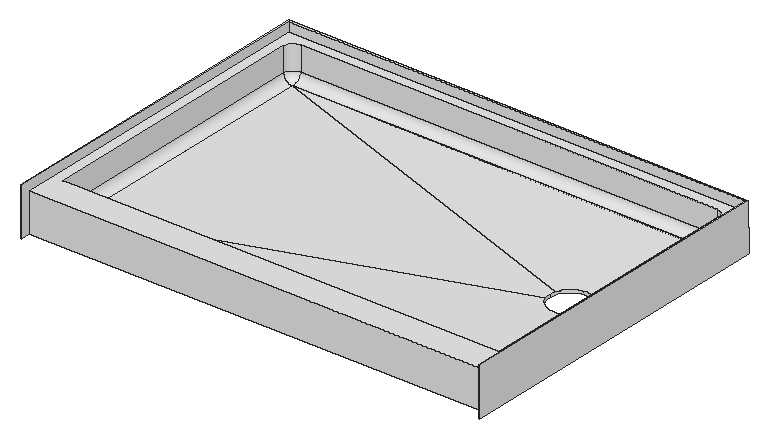
Revit family "P4834.V2 L-R", category Plumbing Fixtures, Revit 2019
Family settings
  Round Connector Dimension = Use Diameter
  Part Type = Normal
  OmniClass Number = 23.45.05.14.17
  OmniClass Title = Showers
  Work Plane-Based = No
  Always vertical = Yes
  Cut with Voids When Loaded = No
  Shared = No
  Room Calculation Point = No
Parameters (values of type "P4834.V2 L/R")
  Unit Width = 48"
  Unit Height = 5"
  Unit Depth = 35"
  URL = "http://www.bestbath.com/"
  Type Comments = "Remodeler"
  Model = "P4834.V2 L/R"
  Material [instance] = Best Bath Gelcoat Fiberglass - Smooth
  Manufacturer = "Best Bath Systems, Inc."
  Keynote = "22 40 00.B3"
  Description = "Shower Pan"
  Assembly Code = "D2010710"
Reference planes (in)
  plane 1 "Back": y = -4.5
  plane 2: z = 0
  plane 3 "Left": x = 0
  plane 4: x = 48
  plane 5: z = 4
  plane 6: z = 5
  plane 7: x = 42
  plane 8: y = 29.5
  plane 9: y = 13.75
  plane 10: x = 1.25
  plane 11: x = 46.75
  plane 12: y = 28.25
  plane 13: z = 0.625
  plane 14: z = 0.25
  plane 15: y = -5.5
Forms (in)
  Extrusion 1, solid, material "Best Bath Gelcoat Fiberglass - Smooth"
    sketch origin (0, 0, 0) x (1, 0, 0) y (0, 1, 0)
      loop
        line (0, -4.5) -> (1.25, -4.5) -> (1.25, 27.25)
        arc (1.25, 27.25) -> (1.54289, 27.95711) -> (2.25, 28.25) r 1
        line (2.25, 28.25) -> (45.75, 28.25)
        arc (45.75, 28.25) -> (46.45711, 27.95711) -> (46.75, 27.25) r 1
        line (46.75, 27.25) -> (46.75, -4.5) -> (48, -4.5) -> (48, 29.5) -> (0, 29.5) -> (0, -4.5)
    from 0 to 4
  Extrusion 2, solid, material "Best Bath Gelcoat Fiberglass - Smooth"
    sketch origin (0, 0, 0) x (1, 0, 0) y (0, 1, 0)
      loop
        line (0, -4.5) -> (48, -4.5) -> (48, 29.5) -> (0, 29.5) -> (0, -4.5)
      loop
        circle (42, 13.75) r 2.125
    from 0 to 0.625
  Sweep 3, solid, material "Best Bath Gelcoat Fiberglass - Smooth"
    path origin (0, 0, 0) x (1, 0, 0) y (0, 1, 0)
      loop
        line (46.75, -4.5) -> (46.75, 27.25)
        arc (46.75, 27.25) -> (46.45711, 27.95711) -> (45.75, 28.25) r 1
        line (45.75, 28.25) -> (2.25, 28.25)
        arc (2.25, 28.25) -> (1.54289, 27.95711) -> (1.25, 27.25) r 1
        line (1.25, 27.25) -> (1.25, -4.5)
    profile origin (1.25, 11.375, 0) x (1, 0, 0) y (0, 0, 1)
      loop
        line (0, 0.625) -> (0.9, 0.625)
        arc (0.9, 0.625) -> (0.2636, 0.8886) -> (0, 1.525) r 0.9
        line (0, 1.525) -> (0, 0.625)
  Blend 4, void
    base sketch origin (0, 0, 0) x (1, 0, 0) y (0, 1, 0)
      loop
        line (2.25, -0.4853) -> (45.75, -0.4853) -> (45.75, 27.25) -> (2.25, 27.25) -> (2.25, -0.4853)
    top sketch origin (0, 0, 0) x (1, 0, 0) y (0, 1, 0)
      loop
        circle (42, 13.75) r 0.10467
    from 0.625 to 0.25
  Sweep 5, solid, material "Best Bath Gelcoat Fiberglass - Smooth"
    path origin (0, 0, 0) x (1, 0, 0) y (0, 1, 0)
      loop
        line (1.25, -4.5) -> (46.75, -4.5)
    profile origin (24, -4.5, 0) x (0, 1, 0) y (0, 0, 1)
      loop
        line (0, 4) -> (0, 0) -> (4.11592, 0) -> (3.00305, 4) -> (0, 4)
  Extrusion 6, solid, material "Best Bath Gelcoat Fiberglass - Smooth"
    sketch origin (0, 0, 0) x (1, 0, 0) y (0, 1, 0)
      loop
        line (0, -5.5) -> (0.125, -5.5) -> (0.125, 29.375) -> (47.875, 29.375) -> (47.875, -5.5) -> (48, -5.5) -> (48, 29.5) -> (0, 29.5) -> (0, -5.5)
    from 0 to 5
Cuts and joins
  Blend 4 cuts Extrusion 1
  Blend 4 cuts Extrusion 2
  Blend 4 cuts Sweep 3
  joined: Extrusion 1, Extrusion 2, Sweep 3, Sweep 5, Extrusion 6
Dimensions and locks (in)
  "Unit Width": plane 3 "Left" to plane 4
  locked: plane 6 to plane 5 at 1
  "Unit Height": plane 6 to level
  plane 3 "Left" to plane 7 to plane 4 = 42", 6"
  locked: plane 8 to plane 12 at 1.25
  locked: plane 11 to plane 4 at 1.25
  locked: plane 3 "Left" to plane 10 at 1.25
  locked: plane 8 to plane 9 at 15.75
  locked: plane 13 to plane 14 at 0.375
  locked: plane 13 to level at 0.625
  locked: plane 15 to plane 1 "Back" at 1
  "Unit Depth": plane 8 to plane 15
  aligned and locked: level to plane 2
  aligned and locked: plane 9 to Extrusion 2 sketch curve
  aligned and locked: plane 7 to Extrusion 2 sketch curve
  aligned and locked: Sweep 3 to plane 13
  aligned and locked: Sweep 3 sketch curve to plane 13
  aligned and locked: plane 13 to Extrusion 2
  aligned and locked: plane 9 to Blend 4 sketch curve
  aligned and locked: plane 7 to Blend 4 sketch curve
  aligned and locked: Extrusion 2 to Blend 4
  aligned and locked: Blend 4 to plane 14
  aligned and locked: plane 5 to Extrusion 1
  aligned and locked: plane 5 to Sweep 5
  aligned and locked: plane 6 to Extrusion 6
Automatic sketch dimensions
  plane 1 "Back" to Extrusion 1 sketch curve = 0"  (x2)
  Extrusion 1 sketch curve to plane 3 "Left" = 0"
  Extrusion 1 sketch curve to plane 4 = 0"
  Extrusion 1 sketch curve to plane 8 = 0"
  Extrusion 1 sketch curve to plane 10 = 0"
  Extrusion 1 sketch curve to plane 12 = 0"
  Extrusion 1 sketch curve to plane 11 = 0"
  Extrusion 1 sketch curve to plane 12 = 1"
  plane 10 to Extrusion 1 sketch curve = 1"
  Extrusion 2 sketch curve to plane 4 = 0"
  Extrusion 2 sketch curve to plane 8 = 0"
  profile plane to Sweep 3 sketch curve = 0"
  Sweep 3 sketch curve to profile plane = 0.9"
  Extrusion 2 sketch curve to plane 3 "Left" = 0"
  plane 1 "Back" to Extrusion 2 sketch curve = 0"
  Sweep 3 sketch curve to plane 10 = 0"
  Sweep 3 sketch curve to plane 12 = 0"
  Sweep 3 sketch curve to plane 11 = 0"
  Sweep 3 sketch curve to plane 12 = 1"
  plane 1 "Back" to Sweep 3 sketch curve = 0"  (x2)
  plane 10 to Sweep 3 sketch curve = 1"
  plane 1 "Back" to Sweep 5 sketch curve = 0"
  Sweep 5 sketch curve to plane 10 = 0"
  Sweep 5 sketch curve to plane 11 = 0"
  Sweep 5 sketch curve to profile plane = 0"
  Sweep 5 sketch curve to level = 0"
  Sweep 5 sketch curve to profile plane = 3.00305"
  Sweep 5 sketch curve to profile plane = 4.11592"
  level to Sweep 5 sketch curve = 4"
  plane 10 to Blend 4 sketch curve = 1"
  Blend 4 sketch curve to plane 11 = 1"
  Blend 4 sketch curve to plane 1 "Back" = 4.0147"
  Blend 4 sketch curve to plane 12 = 1"
  Extrusion 6 sketch curve to plane 3 "Left" = 0"
  Extrusion 6 sketch curve to plane 15 = 0"  (x2)
  Extrusion 6 sketch curve to plane 4 = 0"
  Extrusion 6 sketch curve to plane 8 = 0"
  plane 3 "Left" to Extrusion 6 sketch curve = 1/8"
  plane 4 to Extrusion 6 sketch curve = 1/8"
  Extrusion 6 sketch curve to plane 8 = 1/8"
  radius of Extrusion 2 sketch curve = 2 1/8"
  radius of Blend 4 sketch curve = 0.10467"
